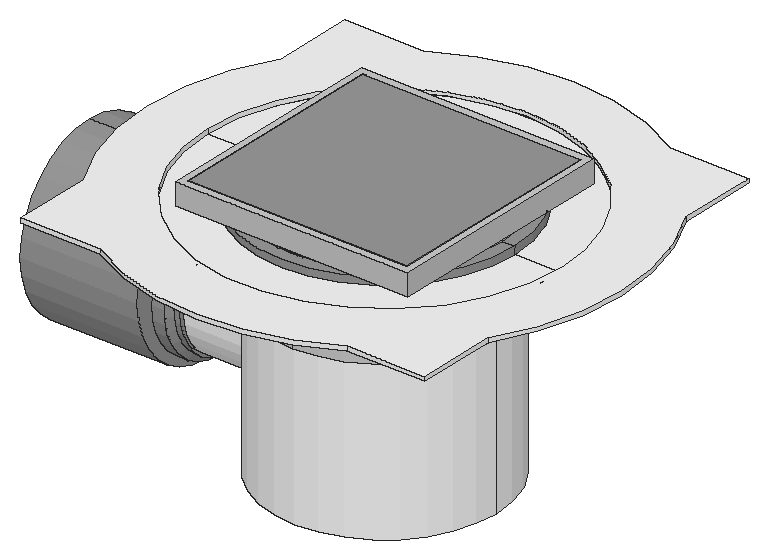
Revit family "HL_Трап для внутренних помещений_HL72.1N", category Instalační zařizovací předměty, Revit 2016
Family settings
  Typ součásti = Normální
  Kóta kulaté spojky = Použít průměr
  Číslo OmniClass = 23.70.50.21.24.14
  Nadpis OmniClass = Deck Waste Water Drains
  Založené na pracovní rovině = Ne
  Vždy vertikální = Ano
  Ořezat dutým tvarem při načtení = Ne
  Sdílené = Ano
  Bod výpočtu místnosti = Ano
Parameters (values of type "HL72.1N")
  РЕШЁТКА = "138x138mm / V2A"
  РАЗМЕР = "DN75/110"
  ПРОПУСКНАЯ СПОСОБНОСТЬ = 1.5 L/s
  ПРОИЗВОДИТЕЛЬНОСТЬ = "1,5 l/s"
  ПРАВОВАЯ ИНФОРМАЦИЯ = "Авторские права(©), права на дизайн или какие либо другие права интелектуальной собственности являются исключительной собственностью компании HL Hutterer & Lechner. Изменению не подлежит. Файл семейства с данными о прозводителе изделия защищен паролем с водяным знаком."  # constant formula
  НОМИНАЛЬНЫЙ ДИАМЕТР = 110 mm
  НАСАДКА = "20-70mm / 147x147mm / PP"
  МАТЕРИАЛ = "PP"
  МАКСИМАЛЬНАЯ НАГРУЗКА КЛАССА = "K3 - 300 kg"
  ВЫСОТА МОНТАЖА = "170mm"
  ВЕС = "1,27 [kg]"
  Připojení ventilace = no
  Výrobce = "HL Hutterer & Lechner GmbH"  # constant formula
  URL = "http://www.hutterer-lechner.com/ru/products/catalog/floor-drains/attachments/HL72.1n.aspx"
  Připojení odpadu = yes
  Připojení HW = no
  Popis = "Трапы для внутренних помещений"
  Model = "HL72.1N"
  Komentáře k typům = "HL72.1N Трап для внутренних помещений DN75/110горизонтальный с обжимным фланцем, 147х147мм/138х138мм"
  Keynote = "HL72.1N"
  Высота монтажа [instance] = 170 mm
  EAN = "9003076107216"
  E = НОМИНАЛЬНЫЙ ДИАМЕТР = 110 mm  # yes
  DN_test [instance] = if(or(НОМИНАЛЬНЫЙ ДИАМЕТР = 75 mm, НОМИНАЛЬНЫЙ ДИАМЕТР = 110 mm), 30 mm, 0 mm)  # 30 mm
  Připojení CW = no
  C [instance] = if(НОМИНАЛЬНЫЙ ДИАМЕТР = 110 mm, 187 mm, 153.7 mm)  # 187 mm
  B [instance] = if(НОМИНАЛЬНЫЙ ДИАМЕТР = 110 mm, Высота монтажа - 78.6 mm, Высота монтажа - 72.1 mm)  # 91.4 mm
  A [instance] = if(B - 100 mm > 15 mm, B - 100 mm, 15 mm)  # 15 mm
Reference planes
  plane 1 "Center (Front/Back)": y = 0
  plane 2: z = 0
  plane 3 "Center (Left/Right)": x = 0
  plane 4 "Ball Joint Vertical": x = 25.45
  plane 5: z = -170
  plane 6: z = -91.4
Lines and regions (mm)
  model lines, style "InvisibleLines"
    curve 1: line (0, 0, 0) -> (0, 0, 1000)
  reference lines
    curve 2: line (0, 0, -91.4) -> (-187, 0, -91.4)
  model lines, detail levels coarse+medium
    curve 3: line (0, 0, -91.4) -> (0, 0, -76.4)
    curve 4: line (0, 0, -76.4) -> (76.4, 0, 0)
    curve 5: line (0, 0, -76.4) -> (-76.4, 0, 0)
    curve 23: line (0, 0, -91.4) -> (-187, 0, -91.4)
  symbolic lines, detail levels coarse+medium
    curve 6: line (-75, 75, 0) -> (75, 75, 0)
    curve 7: line (-75, -75, 0) -> (-75, 75, 0)
    curve 8: line (75, -75, 0) -> (-75, -75, 0)
    curve 9: line (75, 75, 0) -> (75, -75, 0)
    curve 10: line (75, 75, 0) -> (145.711, 145.711, 0)
    curve 11: line (75, -75, 0) -> (145.711, -145.711, 0)
    curve 12: line (-75, 75, 0) -> (-145.711, 145.711, 0)
    curve 13: line (-75, -75, 0) -> (-145.711, -145.711, 0)
  symbolic lines, not visible, detail levels coarse+medium
    curve 14: line (-75, 75, 0) -> (75, 75, 0)
    curve 15: line (-75, -75, 0) -> (-75, 75, 0)
    curve 16: line (75, -75, 0) -> (-75, -75, 0)
    curve 17: line (75, 75, 0) -> (75, -75, 0)
    curve 18: line (75, 75, 0) -> (145.711, 145.711, 0)
    curve 19: line (75, -75, 0) -> (145.711, -145.711, 0)
    curve 20: line (-75, 75, 0) -> (-145.711, 145.711, 0)
    curve 21: line (-75, -75, 0) -> (-145.711, -145.711, 0)
  symbolic lines
    curve 22: line (0, 0, 0) -> (0, 0, -30)
Text (mm)
  text "ПОЛ" at (-198.233, 0, -26.556), in view "Drain Construction View"
Dimensions and locks
  locked: plane 4 "Ball Joint Vertical" to plane 3 "Center (Left/Right)" at 25.45
  "Высота монтажа": plane 2 to plane 5
  "A": curve 5 to plane 6
  "B": curve 5 to plane 6
  "B": curve 4 to plane 6
  "B": plane 2 to plane 6
  locked: nested 1 to plane 5
  locked: nested 5 to plane 5 at 26.33
  "DN_test": curve 22 to curve 22
  "C": plane 3 "Center (Left/Right)" to curve 23
  "C": plane 3 "Center (Left/Right)" to curve 2
  locked: curve 4 to plane 3 "Center (Left/Right)" (angle 45.00°)
  locked: plane 3 "Center (Left/Right)" to curve 5 (angle 45.00°)
  aligned and locked: level to plane 2
  aligned and locked: plane 2 to curve 1
  aligned and locked: plane 3 "Center (Left/Right)" to curve 1
  aligned and locked: plane 3 "Center (Left/Right)" to curve 2
  aligned and locked: plane 3 "Center (Left/Right)" to curve 3
  aligned and locked: curve 3 to curve 2
  aligned and locked: plane 3 "Center (Left/Right)" to curve 5
  aligned and locked: nested 1 to nested 4
Automatic sketch dimensions
  level to curve 1 = 1000 mm
  curve 2 to plane 6 = 0 mm
Nested families
  nested 1: "HL_Корпус для трапа внутренних помещений_HL72.1K" at (0, 0, -14.2), type "HL72.1K_Main Component"
  nested 2: "HL_Решётка_HL0317.1E" at (0, 0, 0), type "HL0317.1E_Main Component"
  nested 3: "HL_Насадка_HL0317.2E" at (0, 0, 0), type "HL0317.2E_Main Component"
    with Высота монтажа 49.5 mm, ВМ_Тест yes, ВМ 69.5 mm
  nested 4: "HL_Песколовка_HL0317.5E" at (0, 0, -20.45), type "HL0317.5E_Main Component"
  nested 5: "HL_Уменьшение_HL0317.4E" at (-113, 0, -36.37) x (-1, 0, 0) z (0, 0, 1), visible <- "E", type "HL0317.4E_Main Component"
Connectors
  piping at (-187, 0, -91.4), diameter 110, driven by "ПРОПУСКНАЯ СПОСОБНОСТЬ", driven by "НОМИНАЛЬНЫЙ ДИАМЕТР"
    settings: on curve 2, index 1, connector inside diameter 609.6 mm, connector length 0 mm, flow factor 0, pipe flow 1.5 L/s, pressure drop 0.0 Pa, fitting loss kfactor 0, connector angle 0.00°, fixture units 0, engagement length 0 mm, angle of deflection 0.00°, flow configuration 1, flow direction 2, fitting loss method 0, system type 16, joint type 0, gender type 0, connector reference index -1, connector utility 0, adjustable connector yes, is connector primary yes, connector description ""
Definition of nested family "HL_Корпус для трапа внутренних помещений_HL72.1K"
  Parameters (values of type "HL72.1K")
    РАЗМЕР = "DN75/110"
    ПРОИЗВОДИТЕЛЬНОСТЬ = "1,5 l/s"
    ПРАВОВАЯ ИНФОРМАЦИЯ = "Авторские права(©), права на дизайн или какие либо другие права интелектуальной собственности являются исключительной собственностью компании HL Hutterer & Lechner. Изменению не подлежит. Файл семейства с данными о прозводителе изделия защищен паролем с водяным знаком."  # constant formula
    МАТЕРИАЛ = "PP"
    ВЫСОТА МОНТАЖА = "150 mm"
    ВЕС = "0,52 [kg]"
    Waste Connection = yes
    Vent Connection = no
    Manufacturer = "HL Hutterer & Lechner GmbH"  # constant formula
    URL = "http://www.hutterer-lechner.com/ru/Products/catalog/floor-drains/attachments/HL72.1K.aspx"
    HW Connection = no
    Description = "Трапы для внутренних помещений - Комплектующие"
    Model = "HL72.1K"
    Type Comments = "HL72.1K Корпус трапа для внутренних помещений DN75 горизонтальный с обжимным фланцем."
    Keynote = "HL72.1K"
    EAN = "9003076008988"
    CW Connection = no
  Reference planes
    plane 1 "Center (Front/Back)": y = 0
    plane 2: z = 0
    plane 3 "Center (Left/Right)": x = 0
    plane 4 "Ball Joint Vertical": x = 25.45
  Forms (mm)
    Revolve 1, solid, detail levels fine
      sketch origin (0, 0, 0) x (1, 0, 0) y (0, 0, 1)
        loop
          line (0, -155.8) -> (71, -155.8) -> (71, -40.3) -> (83.205, -40.3) -> (89.5, -26.8) -> (89.5, -17) -> (94.734, -17) -> (95.169, -8.715) -> (79.5, -8.715) -> (79.5, -35.25) -> (68, -35.25) -> (68, -37.01) -> (60.505, -37.01) -> (60.505, -46.51) -> (68, -46.51) -> (68, -152.8) -> (0, -152.8) -> (0, -155.8)
        axis (0, -8.715) -> (0, -155.8)
      angle from 0 to 360
    Revolve 2, solid, detail levels fine
      sketch origin (0, 0, 0) x (1, 0, 0) y (0, 0, 1)
        loop
          line (82.5, 0) -> (74.9, 0)
          arc (74.9, 0) -> (72.291, -1.519) -> (72.325, -4.538) r 3
          line (72.325, -4.538) -> (72.999, -6.497) -> (72.999, -35.25) -> (79.5, -35.25) -> (79.5, -8.715) -> (82.5, -8.715) -> (82.5, 0)
        axis (0, 0) -> (0, -35.25)
      angle from 0 to 360
    Revolve 3, solid, detail levels fine
      sketch origin (0, 0, 0) x (1, 0, 0) y (0, 0, 1)
        loop
          line (-153.7, -46.25) -> (-153.7, -49.25) -> (-42.114, -49.25) -> (-42.114, -46.25) -> (-153.7, -46.25)
        axis (-153.7, -83.75) -> (-42.114, -83.75)
      angle from 0 to 360
    Extrusion 4, solid, detail levels fine
      sketch origin (0, 0, 0) x (1, 0, 0) y (0, 1, 0)
        loop
          circle (0, 0) r 60.505
      from -46.51 to -45.51
    Extrusion 5, void
      sketch origin (0, 0, 0) x (1, 0, 0) y (0, 1, 0)
        loop
          line (35.837, 48.75) -> (-19.675, 48.75) -> (-19.675, -48.75) -> (35.837, -48.75)
          arc (35.837, -48.75) -> (40.91, -44.579) -> (45.5, -39.883) r 60.505
          line (45.5, -39.883) -> (45.5, 39.883)
          arc (45.5, 39.883) -> (40.91, 44.579) -> (35.837, 48.75) r 60.505
      from -63.873 to -26.8
    Extrusion 6, solid, detail levels fine
      sketch origin (0, 0, 0) x (1, 0, 0) y (0, 1, 0)
        loop
          arc (35.837, 48.75) -> (34.778, 49.512) -> (33.702, 50.25) r 60.505
          line (33.702, 50.25) -> (-4.07, 50.25) -> (-4.07, 48.75) -> (35.837, 48.75)
        loop
          line (-4.07, -48.75) -> (-4.07, -50.25) -> (33.702, -50.25)
          arc (33.702, -50.25) -> (34.778, -49.512) -> (35.837, -48.75) r 60.505
          line (35.837, -48.75) -> (-4.07, -48.75)
        loop
          line (45.5, 39.883) -> (45.5, -39.883)
          arc (45.5, -39.883) -> (46.259, -39) -> (47, -38.103) r 60.505
          line (47, -38.103) -> (47, 38.103)
          arc (47, 38.103) -> (46.259, 39) -> (45.5, 39.883) r 60.505
      from -134.01 to -46.51
    Extrusion 7, solid, detail levels fine
      sketch origin (0, 0, 0) x (1, 0, 0) y (0, 0, 1)
        loop
          line (-21, -46.51) -> (-5.571, -134.01) -> (-4.07, -134.01) -> (-19.499, -46.51) -> (-21, -46.51)
      from 50.25 to -50.25
    Extrusion 8, solid, detail levels fine
      sketch origin (0, 0, 0) x (1, 0, 0) y (0, 0, 1)
        loop
          line (-4.07, -134.01) -> (-4.07, -46.51) -> (-19.499, -46.51) -> (-4.07, -134.01)
      from -48.75 to -50.25
    Extrusion 9, solid, detail levels fine
      sketch origin (0, 0, 0) x (1, 0, 0) y (0, 0, 1)
        loop
          line (-4.07, -46.51) -> (-19.499, -46.51) -> (-4.07, -134.01) -> (-4.07, -46.51)
      from 48.75 to 50.25
    Extrusion 10, void
      sketch origin (0, 0, 0) x (0, 1, 0) y (0, 0, 1)
        loop
          circle (0, -83.75) r 34.5
      from -42.114 to -128.469
    Revolve 11, void
      sketch origin (0, 0, 0) x (1, 0, 0) y (0, 0, 1)
        loop
          line (0, -129.446) -> (68, -129.446) -> (68, 17.174) -> (0, 17.174) -> (0, -129.446)
        axis (0, 17.174) -> (0, -129.446)
      angle from 0 to 360
    Extrusion 12, solid, detail levels fine
      sketch origin (0, 0, 0) x (1, 0, 0) y (0, 1, 0)
        loop
          arc (-30.916, 60.566) -> (-32.179, 59.904) -> (-33.429, 59.216) r 68
          arc (-33.429, 59.216) -> (-42.009, 0) -> (-33.429, -59.216) r 208.633
          arc (-33.429, -59.216) -> (-32.184, -59.901) -> (-30.926, -60.56) r 68
          arc (-30.926, -60.56) -> (-39.972, 0.003) -> (-30.916, 60.566) r 207.146
      from -75.3 to -152.8
    Extrusion 13, solid, detail levels fine
      sketch origin (0, 0, 0) x (1, 0, 0) y (0, 1, 0)
        loop
          line (-128, 128) -> (-128, 78.205)
          arc (-128, 78.205) -> (-150, 0) -> (-128, -78.205) r 150
          line (-128, -78.205) -> (-128, -128) -> (-78.205, -128)
          arc (-78.205, -128) -> (0, -150) -> (78.205, -128) r 150
          line (78.205, -128) -> (128, -128) -> (128, -78.205)
          arc (128, -78.205) -> (150, 0) -> (128, 78.205) r 150
          line (128, 78.205) -> (128, 128) -> (78.205, 128)
          arc (78.205, 128) -> (0, 150) -> (-78.205, 128) r 150
          line (-78.205, 128) -> (-128, 128)
        loop
          circle (0, 0) r 112.308
      from -1.759 to -4.538
    Revolve 14, solid, detail levels fine
      sketch origin (0, 0, 0) x (1, 0, 0) y (0, 0, 1)
        loop
          line (95.169, -8.715) -> (109.375, -7.472) -> (112.308, -4.538) -> (82.529, -4.538) -> (82.529, -8.715) -> (79.5, -8.715) -> (79.5, -17) -> (94.734, -17) -> (95.169, -8.715)
        axis (0, -4.538) -> (0, -17)
      angle from 0 to 360
  Cuts and joins
    Extrusion 10 cuts Revolve 1
    Extrusion 5 cuts Extrusion 4
    joined: Revolve 1, Extrusion 4, Extrusion 6, Extrusion 7, Extrusion 8, Extrusion 9, Extrusion 12
    Revolve 11 cuts Revolve 3
  Lines and regions (mm)
    model lines, detail levels fine
      curve 1: line (-5.307, 98.186, -4.538) -> (-3.194, 98.186, -4.538)
      curve 2: line (-4.093, 97.29, -4.538) -> (-5.307, 97.29, -4.538)
      curve 3: line (-4.093, 97.29, -4.538) -> (-4.093, 93.786, -4.538)
      curve 4: line (-3.194, 98.186, -4.538) -> (-3.194, 93.786, -4.538)
      curve 5: line (-1.279, 97.732, -4.538) -> (-1.279, 96.767, -4.538)
      curve 6: line (-2.179, 97.732, -4.538) -> (-2.179, 93.786, -4.538)
      curve 7: arc (-2.179, 97.732, -4.538) -> (-1.729, 98.182, -4.538) -> (-1.279, 97.732, -4.538) r 0.45
      curve 8: arc (-2.179, 93.786, -4.538) -> (-1.729, 93.336, -4.538) -> (-1.279, 93.786, -4.538) r 0.45
      curve 9: arc (-0.662, 96.154, -4.538) -> (-1.096, 96.333, -4.538) -> (-1.275, 96.767, -4.538) r 0.613
      curve 10: line (-1.279, 93.786, -4.538) -> (-1.279, 94.751, -4.538)
      curve 11: arc (-0.662, 95.364, -4.538) -> (-1.096, 95.185, -4.538) -> (-1.275, 94.751, -4.538) r 0.613
      curve 12: line (1.033, 97.732, -4.538) -> (1.033, 96.767, -4.538)
      curve 13: line (1.933, 97.732, -4.538) -> (1.933, 93.786, -4.538)
      curve 14: arc (1.933, 97.732, -4.538) -> (1.483, 98.182, -4.538) -> (1.033, 97.732, -4.538) r 0.45
      curve 15: arc (1.933, 93.786, -4.538) -> (1.483, 93.336, -4.538) -> (1.033, 93.786, -4.538) r 0.45
      curve 16: arc (0.417, 96.154, -4.538) -> (0.85, 96.333, -4.538) -> (1.03, 96.767, -4.538) r 0.613
      curve 17: line (1.033, 93.786, -4.538) -> (1.033, 94.751, -4.538)
      curve 18: arc (0.417, 95.364, -4.538) -> (0.85, 95.185, -4.538) -> (1.03, 94.751, -4.538) r 0.613
      curve 19: line (-0.662, 96.154, -4.538) -> (0.417, 96.154, -4.538)
      curve 20: line (-0.662, 95.364, -4.538) -> (0.417, 95.364, -4.538)
      curve 21: arc (-5.307, 98.186, -4.538) -> (-5.755, 97.738, -4.538) -> (-5.307, 97.29, -4.538) r 0.448
      curve 22: arc (-3.194, 93.786, -4.538) -> (-3.644, 93.337, -4.538) -> (-4.093, 93.786, -4.538) r 0.45
  Text (mm)
    text "ROOF/FLOOR" at (-198.233, 0, -26.556), in view "Drain Construction View"
  Dimensions and locks
    locked: plane 4 "Ball Joint Vertical" to plane 3 "Center (Left/Right)" at 25.45
    aligned and locked: level to plane 2
Definition of nested family "HL_Решётка_HL0317.1E"
  Parameters (values of type "HL0317.1E")
    РАЗМЕР = "138x138 mm"
    ПРАВОВАЯ ИНФОРМАЦИЯ = "Авторские права(©), права на дизайн или какие либо другие права интелектуальной собственности являются исключительной собственностью компании HL Hutterer & Lechner. Изменению не подлежит. Файл семейства с данными о прозводителе изделия защищен паролем с водяным знаком."  # constant formula
    МАТЕРИАЛ = "V2A"
    МАКСИМАЛЬНАЯ НАГРУЗКА КЛАССА = "K3 - 300 kg"
    ВЕС = "0,20 [kg]"
    Waste Connection = yes
    Vent Connection = no
    Manufacturer = "HL Hutterer & Lechner GmbH"  # constant formula
    URL = "http://www.hutterer-lechner.com/ru/Products/catalog/floor-drains/attachments/HL0317.1E.aspx"
    HW Connection = no
    Description = "Трапы для внутренних помещений - Комплектующие"
    Model = "HL0317.1E"
    Type Comments = "HL0317.1E Решетка для сливных отверстий из высококачественной стали 138х138мм"
    Keynote = "HL0317.1E"
    EAN = "9003076317011"
    CW Connection = no
  Reference planes
    plane 1 "Center (Front/Back)": y = 0
    plane 2: z = 0
    plane 3 "Center (Left/Right)": x = 0
    plane 4 "Ball Joint Vertical": x = 25.45
  Forms (mm)
    Extrusion 1, solid, detail levels fine
      sketch origin (0, 0, 0) x (1, 0, 0) y (0, 1, 0)
        loop
          line (-69, 69) -> (-69, -69) -> (69, -69) -> (69, 69) -> (-69, 69)
      from 0 to -5
  Lines and regions (mm)
    model lines, detail levels fine
      curve 1: line (40.5, 59.75, 0) -> (-40.5, 59.75, 0)
      curve 2: line (-40.5, 52.25, 0) -> (40.5, 52.25, 0)
      curve 3: line (24.5, 43.75, 0) -> (-24.5, 43.75, 0)
      curve 4: line (-24.5, 36.25, 0) -> (24.5, 36.25, 0)
      curve 5: line (8.5, 27.75, 0) -> (-8.5, 27.75, 0)
      curve 6: line (-8.5, 20.25, 0) -> (8.5, 20.25, 0)
      curve 7: arc (-8.5, 27.75, 0) -> (-12.25, 24, 0) -> (-8.5, 20.25, 0) r 3.75
      curve 8: arc (8.5, 20.25, 0) -> (12.25, 24, 0) -> (8.5, 27.75, 0) r 3.75
      curve 9: arc (24.5, 36.25, 0) -> (28.25, 40, 0) -> (24.5, 43.75, 0) r 3.75
      curve 10: arc (40.5, 52.25, 0) -> (44.25, 56, 0) -> (40.5, 59.75, 0) r 3.75
      curve 11: arc (-40.5, 59.75, 0) -> (-44.25, 56, 0) -> (-40.5, 52.25, 0) r 3.75
      curve 12: arc (-24.5, 43.75, 0) -> (-28.25, 40, 0) -> (-24.5, 36.25, 0) r 3.75
      curve 13: line (-59.75, 40.5, 0) -> (-59.75, -40.5, 0)
      curve 14: line (-52.25, -40.5, 0) -> (-52.25, 40.5, 0)
      curve 15: line (-43.75, 24.5, 0) -> (-43.75, -24.5, 0)
      curve 16: line (-36.25, -24.5, 0) -> (-36.25, 24.5, 0)
      curve 17: line (-27.75, 8.5, 0) -> (-27.75, -8.5, 0)
      curve 18: line (-20.25, -8.5, 0) -> (-20.25, 8.5, 0)
      curve 19: arc (-20.25, 8.5, 0) -> (-24, 12.25, 0) -> (-27.75, 8.5, 0) r 3.75
      curve 20: arc (-27.75, -8.5, 0) -> (-24, -12.25, 0) -> (-20.25, -8.5, 0) r 3.75
      curve 21: arc (-43.75, -24.5, 0) -> (-40, -28.25, 0) -> (-36.25, -24.5, 0) r 3.75
      curve 22: arc (-36.25, 24.5, 0) -> (-40, 28.25, 0) -> (-43.75, 24.5, 0) r 3.75
      curve 23: arc (-52.25, 40.5, 0) -> (-56, 44.25, 0) -> (-59.75, 40.5, 0) r 3.75
      curve 24: arc (-59.75, -40.5, 0) -> (-56, -44.25, 0) -> (-52.25, -40.5, 0) r 3.75
      curve 25: line (8.5, -20.25, 0) -> (-8.5, -20.25, 0)
      curve 26: line (-8.5, -27.75, 0) -> (8.5, -27.75, 0)
      curve 27: line (24.5, -36.25, 0) -> (-24.5, -36.25, 0)
      curve 28: line (-24.5, -43.75, 0) -> (24.5, -43.75, 0)
      curve 29: line (40.5, -52.25, 0) -> (-40.5, -52.25, 0)
      curve 30: line (-40.5, -59.75, 0) -> (40.5, -59.75, 0)
      curve 31: arc (-40.5, -52.25, 0) -> (-44.25, -56, 0) -> (-40.5, -59.75, 0) r 3.75
      curve 32: arc (40.5, -59.75, 0) -> (44.25, -56, 0) -> (40.5, -52.25, 0) r 3.75
      curve 33: arc (24.5, -43.75, 0) -> (28.25, -40, 0) -> (24.5, -36.25, 0) r 3.75
      curve 34: arc (-24.5, -36.25, 0) -> (-28.25, -40, 0) -> (-24.5, -43.75, 0) r 3.75
      curve 35: arc (-8.5, -20.25, 0) -> (-12.25, -24, 0) -> (-8.5, -27.75, 0) r 3.75
      curve 36: arc (8.5, -27.75, 0) -> (12.25, -24, 0) -> (8.5, -20.25, 0) r 3.75
      curve 37: line (20.25, 8.5, 0) -> (20.25, -8.5, 0)
      curve 38: line (27.75, -8.5, 0) -> (27.75, 8.5, 0)
      curve 39: line (36.25, 24.5, 0) -> (36.25, -24.5, 0)
      curve 40: line (43.75, -24.5, 0) -> (43.75, 24.5, 0)
      curve 41: line (52.25, 40.5, 0) -> (52.25, -40.5, 0)
      curve 42: line (59.75, -40.5, 0) -> (59.75, 40.5, 0)
      curve 43: arc (52.25, -40.5, 0) -> (56, -44.25, 0) -> (59.75, -40.5, 0) r 3.75
      curve 44: arc (36.25, -24.5, 0) -> (40, -28.25, 0) -> (43.75, -24.5, 0) r 3.75
      curve 45: arc (20.25, -8.5, 0) -> (24, -12.25, 0) -> (27.75, -8.5, 0) r 3.75
      curve 46: arc (27.75, 8.5, 0) -> (24, 12.25, 0) -> (20.25, 8.5, 0) r 3.75
      curve 47: arc (43.75, 24.5, 0) -> (40, 28.25, 0) -> (36.25, 24.5, 0) r 3.75
      curve 48: arc (59.75, 40.5, 0) -> (56, 44.25, 0) -> (52.25, 40.5, 0) r 3.75
      curve 49: line (-6.994, -2.339, 0) -> (-2.397, -6.935, 0)
      curve 50: line (-4.077, -3.134, 0) -> (-5.933, -1.278, 0)
      curve 51: line (-1.337, -5.874, 0) -> (-3.193, -4.018, 0)
      curve 52: line (-3.193, -4.018, 0) -> (-0.718, -1.543, 0)
      curve 53: line (-1.602, -0.659, 0) -> (-4.077, -3.134, 0)
      curve 54: line (-0.718, -1.543, 0) -> (1.138, -3.399, 0)
      curve 55: line (-3.458, 1.197, 0) -> (-1.602, -0.659, 0)
      curve 56: line (-1.337, 3.318, 0) -> (2.906, -0.925, 0)
      curve 57: line (3.967, 0.136, 0) -> (-0.276, 4.379, 0)
      curve 58: line (6.353, 2.523, 0) -> (3.967, 0.136, 0)
      curve 59: line (4.674, -0.925, 0) -> (7.237, 1.639, 0)
      curve 60: arc (-6.994, -2.339, 0) -> (-6.994, -1.278, 0) -> (-5.933, -1.278, 0) r 0.75
      curve 61: arc (-3.458, 1.197, 0) -> (-3.458, 2.257, 0) -> (-2.397, 2.257, 0) r 0.75
      curve 62: arc (-1.337, 3.318, 0) -> (-1.337, 4.379, 0) -> (-0.276, 4.379, 0) r 0.75
      curve 63: arc (6.353, 2.523, 0) -> (7.237, 2.523, 0) -> (7.237, 1.639, 0) r 0.625
      curve 64: arc (2.906, -0.925, 0) -> (3.79, -1.291, 0) -> (4.674, -0.925, 0) r 1.25
      curve 65: arc (-2.397, -6.935, 0) -> (-1.337, -6.935, 0) -> (-1.337, -5.874, 0) r 0.75
      curve 66: arc (1.138, -3.399, 0) -> (2.183, -3.416, 0) -> (2.232, -2.372, 0) r 0.751
      curve 67: line (2.232, -2.372, 0) -> (-2.397, 2.257, 0)
    model lines
      curve 68: line (0, 0, 0) -> (0, 0, 100)
  Text (mm)
    text "ROOF/FLOOR" at (-198.233, 0, -26.556), in view "Drain Construction View"
  Dimensions and locks
    locked: plane 4 "Ball Joint Vertical" to plane 3 "Center (Left/Right)" at 25.45
    aligned and locked: level to plane 2
Definition of nested family "HL_Насадка_HL0317.2E"
  Parameters (values of type "HL0317.2E")
    РАЗМЕР = "d 145 mm"
    ПРАВОВАЯ ИНФОРМАЦИЯ = "Авторские права(©), права на дизайн или какие либо другие права интелектуальной собственности являются исключительной собственностью компании HL Hutterer & Lechner. Изменению не подлежит. Файл семейства с данными о прозводителе изделия защищен паролем с водяным знаком."  # constant formula
    НАСАДКА = "147x147mm"
    МАТЕРИАЛ = "PP-V2A"
    Высота монтажа [instance] = 70 mm
    ВЫСОТА МОНТАЖА = "20-70mm"
    ВМ_Тест [instance] = and(or(Высота монтажа < ВМ_Max, Высота монтажа > ВМ_Min, Высота монтажа = ВМ_Min))  # yes
    ВМ_Min = 20 mm
    ВМ_Max = 70 mm
    ВМ [instance] = if(ВМ_Тест, Высота монтажа + 20 mm, 0 mm)  # 90 mm
    ВЕС = "0,13 [kg]"
    Waste Connection = yes
    Vent Connection = no
    Manufacturer = "HL Hutterer & Lechner GmbH"  # constant formula
    URL = "http://www.hutterer-lechner.com/ru/Products/catalog/floor-drains/attachments/HL0317.2E.aspx"
    HW Connection = no
    Description = "Трапы для внутренних помещений - Комплектующие"
    Model = "HL0317.2E"
    Type Comments = "HL0317.2E Насадные подрамники d 145мм/90мм/147х147мм"
    Keynote = "HL0317.2E"
    EAN = "9003076317028"
    CW Connection = no
  Reference planes
    plane 1 "Center (Front/Back)": y = 0
    plane 2: z = 0
    plane 3 "Center (Left/Right)": x = 0
    plane 4 "Ball Joint Vertical": x = 25.45
    plane 5: z = -90
  Forms (mm)
    Extrusion 1, solid, detail levels fine
      sketch origin (0, 0, 0) x (1, 0, 0) y (0, 1, 0)
        loop
          line (69.5, 69.5) -> (-69.5, 69.5) -> (-69.5, -69.5) -> (69.5, -69.5) -> (69.5, 69.5)
        loop
          line (73.5, 73.5) -> (-73.5, 73.5) -> (-73.5, -73.5) -> (73.5, -73.5) -> (73.5, 73.5)
      from 0 to -14
    Extrusion 2, solid, detail levels fine
      sketch origin (0, 0, 0) x (1, 0, 0) y (0, 1, 0)
        loop
          line (-21.332, 69.5) -> (-69.5, 69.5) -> (-69.5, 21.332)
          arc (-69.5, 21.332) -> (-51.407, 51.407) -> (-21.332, 69.5) r 72.7
        loop
          line (69.5, 21.332) -> (69.5, 69.5) -> (21.332, 69.5)
          arc (21.332, 69.5) -> (51.407, 51.407) -> (69.5, 21.332) r 72.7
        loop
          line (21.332, -69.5) -> (69.5, -69.5) -> (69.5, -21.332)
          arc (69.5, -21.332) -> (51.407, -51.407) -> (21.332, -69.5) r 72.7
        loop
          line (-69.5, -21.332) -> (-69.5, -69.5) -> (-21.332, -69.5)
          arc (-21.332, -69.5) -> (-51.407, -51.407) -> (-69.5, -21.332) r 72.7
      from -5 to -14
    Revolve 3, solid, detail levels fine
      sketch origin (0, 0, 0) x (0, 1, 0) y (0, 0, 1)
        loop
          line (72.5, -14) -> (69.3, -14) -> (69.3, -90) -> (72.5, -90) -> (72.5, -14)
        axis (0, -14) -> (0, -90)
      angle from 0 to 360
  Cuts and joins
    joined: Extrusion 1, Extrusion 2, Revolve 3
  Lines and regions (mm)
    symbolic lines, not visible
      curve 1: line (0, 0, -90) -> (0, 0, 0)
    model lines
      curve 2: line (0, 0, 0) -> (0, 0, 100)
  Text (mm)
    text "ROOF/FLOOR" at (-198.233, 0, -26.556), in view "Drain Construction View"
  Dimensions and locks
    locked: plane 4 "Ball Joint Vertical" to plane 3 "Center (Left/Right)" at 25.45
    "ВМ": plane 2 to plane 5
    aligned and locked: level to plane 2
    aligned and locked: plane 5 to cut or joined group of Extrusion 1, Extrusion 2, Revolve 3
    aligned and locked: plane 2 to curve 1
    aligned and locked: plane 5 to curve 1
    aligned and locked: plane 3 "Center (Left/Right)" to curve 1
  Automatic sketch dimensions
    Extrusion 1 sketch curve to plane 3 "Center (Left/Right)" = 73.5 mm
    Extrusion 1 sketch curve to Extrusion 1 sketch curve = 4 mm  (x4)
    plane 4 "Ball Joint Vertical" to Extrusion 1 sketch curve = 44.05 mm
    plane 1 "Center (Front/Back)" to Extrusion 1 sketch curve = 73.5 mm
    Extrusion 1 sketch curve to plane 1 "Center (Front/Back)" = 69.5 mm
    Extrusion 2 sketch curve to Extrusion 2 sketch curve = 0 mm  (x13)
    plane 1 "Center (Front/Back)" to Extrusion 2 sketch curve = 0 mm
    Extrusion 2 sketch curve to plane 3 "Center (Left/Right)" = 0 mm
    Extrusion 2 sketch curve to plane 3 "Center (Left/Right)" = 21.332 mm  (x2)
    Extrusion 2 sketch curve to Extrusion 2 sketch curve = 48.168 mm  (x2)
    Extrusion 2 sketch curve to plane 4 "Ball Joint Vertical" = 4.118 mm  (x2)
    plane 4 "Ball Joint Vertical" to Extrusion 2 sketch curve = 44.05 mm  (x2)
    plane 1 "Center (Front/Back)" to Extrusion 2 sketch curve = 21.332 mm  (x2)
    Extrusion 2 sketch curve to plane 1 "Center (Front/Back)" = 21.332 mm
    Extrusion 2 sketch curve to plane 1 "Center (Front/Back)" = 69.5 mm
    Revolve 3 sketch curve to plane 1 "Center (Front/Back)" = 0 mm
    Revolve 3 sketch curve to plane 5 = 0 mm
    Revolve 3 sketch curve to level = 14 mm
    Revolve 3 sketch curve to plane 1 "Center (Front/Back)" = 69.3 mm
    Revolve 3 sketch curve to Revolve 3 sketch curve = 3.2 mm
    Revolve 3 sketch curve to plane 5 = 430.992 mm
    level to Revolve 3 sketch curve = 2741.474 mm
    curve 2 to curve 2 = 100 mm
Definition of nested family "HL_Песколовка_HL0317.5E"
  Parameters (values of type "HL0317.5E")
    ПРАВОВАЯ ИНФОРМАЦИЯ = "Авторские права(©), права на дизайн или какие либо другие права интелектуальной собственности являются исключительной собственностью компании HL Hutterer & Lechner. Изменению не подлежит. Файл семейства с данными о прозводителе изделия защищен паролем с водяным знаком."  # constant formula
    МАТЕРИАЛ = "PP"
    ВЕС = "0,03[kg]"
    Waste Connection = yes
    Vent Connection = no
    Manufacturer = "HL Hutterer & Lechner GmbH"  # constant formula
    URL = "http://www.hutterer-lechner.com/ru/Products/catalog/floor-drains/attachments/HL0317.5E.aspx"
    HW Connection = no
    Description = "Трапы для внутренних помещений - Комплектующие"
    Model = "HL0317.5E"
    Type Comments = "HL0317.5E Песколовка"
    Keynote = "HL0317.5E"
    EAN = "9003076317059"
    CW Connection = no
  Reference planes
    plane 1 "Center (Front/Back)": y = 0
    plane 2: z = 0
    plane 3 "Center (Left/Right)": x = 0
    plane 4 "Ball Joint Vertical": x = 25.45
  Forms (mm)
    Revolve 1, solid, detail levels fine
      sketch origin (0, 0, 0) x (0, 1, 0) y (0, 0, 1)
        loop
          line (69, -29) -> (69, 0) -> (67.3, 0) -> (67.3, -27.3) -> (22, -27.3) -> (22, -8) -> (19, -8) -> (19, -29) -> (69, -29)
        axis (0, 0) -> (0, -29)
      angle from 0 to 360
  Lines and regions (mm)
    model lines, detail levels fine
      curve 1: circle (-44.62, 0, -27.3) r 5 normal (0, 0, 1)
      curve 2: circle (0, 44.62, -27.3) r 5 normal (0, 0, 1)
      curve 3: circle (44.62, 0, -27.3) r 5 normal (0, 0, 1)
      curve 4: circle (0, -44.62, -27.3) r 5 normal (0, 0, -1)
      curve 5: circle (-38.642, 22.31, -27.3) r 5 normal (0, 0, 1)
      curve 6: circle (22.31, 38.642, -27.3) r 5 normal (0, 0, 1)
      curve 7: circle (38.642, -22.31, -27.3) r 5 normal (0, 0, 1)
      curve 8: circle (-22.31, -38.642, -27.3) r 5 normal (0, 0, -1)
      curve 9: circle (-22.31, 38.642, -27.3) r 5 normal (0, 0, 1)
      curve 10: circle (38.642, 22.31, -27.3) r 5 normal (0, 0, 1)
      curve 11: circle (22.31, -38.642, -27.3) r 5 normal (0, 0, 1)
      curve 12: circle (-38.642, -22.31, -27.3) r 5 normal (0, 0, -1)
  Text (mm)
    text "ROOF/FLOOR" at (-198.233, 0, -26.556), in view "Drain Construction View"
  Dimensions and locks
    locked: plane 4 "Ball Joint Vertical" to plane 3 "Center (Left/Right)" at 25.45
    aligned and locked: level to plane 2
Definition of nested family "HL_Уменьшение_HL0317.4E"
  Parameters (values of type "HL0317.4E")
    РАЗМЕР = "DN110xDN75"
    ПРАВОВАЯ ИНФОРМАЦИЯ = "Авторские права(©), права на дизайн или какие либо другие права интелектуальной собственности являются исключительной собственностью компании HL Hutterer & Lechner. Изменению не подлежит. Файл семейства с данными о прозводителе изделия защищен паролем с водяным знаком."  # constant formula
    МАТЕРИАЛ = "PP"
    ВЕС = "0,10 [kg]"
    Waste Connection = yes
    Vent Connection = no
    Manufacturer = "HL Hutterer & Lechner GmbH"  # constant formula
    URL = "http://www.hutterer-lechner.com/ru/Products/catalog/floor-drains/attachments/HL0317.4E.aspx"
    HW Connection = no
    Description = "Трапы для внутренних помещений - Комплектующие"
    Model = "HL0317.4E"
    Type Comments = "HL0317.4E Уменьшение DN110xDN75"
    Keynote = "HL0317.4E"
    EAN = "9003076317042"
    CW Connection = no
  Reference planes
    plane 1 "Center (Front/Back)": y = 0
    plane 2: z = 0
    plane 3 "Center (Left/Right)": x = 0
    plane 4 "Ball Joint Vertical": x = 25.45
  Forms (mm)
    Revolve 1, solid, detail levels fine
      sketch origin (0, 0, 0) x (1, 0, 0) y (0, 0, 1)
        loop
          line (74, -2.7) -> (74, 0) -> (0, 0) -> (0, -55) -> (3, -55) -> (3, -2.7) -> (74, -2.7)
        axis (74, -55) -> (0, -55)
      angle from 0 to 360
    Revolve 2, solid, detail levels fine
      sketch origin (0, 0, 0) x (1, 0, 0) y (0, 0, 1)
        loop
          line (-15, -21.165) -> (-15, -23.3) -> (39.9, -23.3) -> (39.9, -21.3) -> (0, -21.3) -> (0, -17) -> (-8.629, -17) -> (-11.112, -21.165) -> (-15, -21.165)
        axis (-15, -61) -> (39.9, -61)
      angle from 0 to 360
    Extrusion 3, void
      sketch origin (0, 0, 0) x (0, 1, 0) y (0, 0, 1)
        loop
          arc (-33.715, -46.537) -> (-35.917, -53.62) -> (-36.661, -61) r 36.983
          arc (-36.661, -61) -> (-12.182, -95.805) -> (28.85, -84.535) r 36.983
          arc (28.85, -84.535) -> (31.932, -80.198) -> (34.36, -75.463) r 36.983
          arc (34.36, -75.463) -> (36.561, -68.38) -> (37.305, -61) r 36.983
          arc (37.305, -61) -> (7.702, -24.761) -> (-33.715, -46.537) r 36.983
      from 55.439 to -38.757
  Cuts and joins
    Extrusion 3 cuts Revolve 1
  Text (mm)
    text "ROOF/FLOOR" at (-198.233, 0, -26.556), in view "Drain Construction View"
  Dimensions and locks
    locked: plane 4 "Ball Joint Vertical" to plane 3 "Center (Left/Right)" at 25.45
    aligned and locked: level to plane 2
